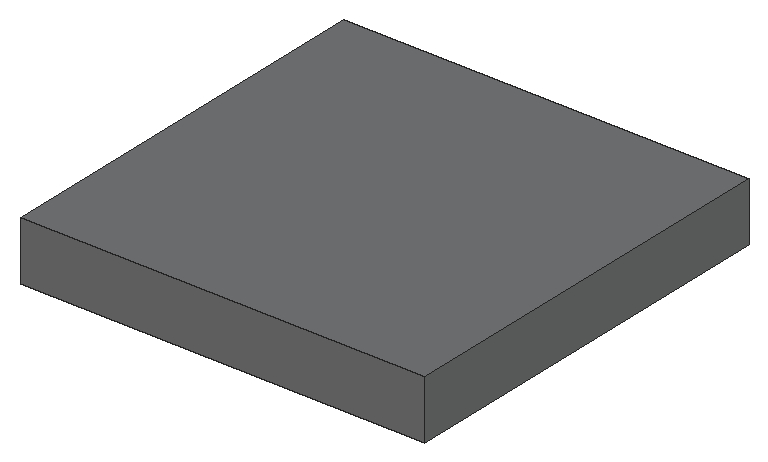
Revit family "Gira_028527", category Electrical Fixtures, host Face, Revit 2017
Family settings
  Host = Face
  Maintain Annotation Orientation = No
  Round Connector Dimension = Use Diameter
  Part Type = Normal
  Cut with Voids When Loaded = No
  Shared = No
  Room Calculation Point = No
Parameters (values of type "Wippe Symb. Licht System 55 Reinweiß m")
  Werkstoffgüte = "Thermoplast"
  Werkstoff = "Kunststoff"
  Verwendung = "Schalter/Taster"
  URL = "http://katalog.gira.de/de_DE/datenblatt.html?artikelnr=028527"
  Region = "DE"
  RAL-Nummer (ähnlich) = "9010 "
  Oberfläche = "sonstige"
  Name = "Wippe Symb. Licht System 55 Reinweiß m"
  Mit austauschbarer Linse/Symbol = "No"
  Mit Beschriftungsfeld = "No"
  Manufacturer URL = "https://www.gira.de/"
  Kontrollfenster/Lichtauslass = "No"
  Keynote = "Sys55_Abdeckung_Schalten und Tasten"
  HeinzeBIM = "https://bimportal.heinze.de/bim/wippe-symb-licht-system-55-reinweiss-m/813743f05b1ae569b0e54909fcb0600ad873e510"
  Halogenfrei = "Yes"
  HAN = "028527"
  Geeignet für Schutzart (IP) = "IP20"
  Geeignet für Bussystem-Tasterankopplung = "No"
  GTIN = "4010337285274"
  Farbe = "weiß"
  Default Elevation = 1219.2 mm
  Data sheet (1) = "https://katalog.gira.de/de_DE/download.html?artikelnr=028527"
  Category = "Abdeckung/Bedienelement für Installationsschalterprogramme"
  Befestigungsart = "Klemmbefestigung"
  Available = "Yes"
  Ausführung der Oberfläche = "matt"
  Ausführung = "einteilige Wippe"
  Aufdruck/Kennzeichnung = "Symbol \"Licht\""
  Anthrazit [instance] = Anthrazit
  Abtastbares Symbol/barrierefrei = "No"
Reference planes
  plane 1 "Center (Front/Back)": y = 0
  plane 2: z = 0
  plane 3 "Center (Left/Right)": x = 0
Forms (mm)
  Extrusion 1, solid, material "Anthrazit" <- "Anthrazit", detail levels fine
    sketch origin (0, 0, 0) x (1, 0, 0) y (0, 1, 0)
      loop
        line (-27.5, 27.5) -> (-27.5, -27.5) -> (27.5, -27.5) -> (27.5, 27.5) -> (-27.5, 27.5)
    from 0 to 8
  Extrusion 2, void
    sketch origin (0, 0, 0) x (1, 0, 0) y (0, 1, 0)
      loop
        line (26, 26) -> (-26, 26) -> (-26, -26) -> (26, -26) -> (26, 26)
    from 0 to 6
  Extrusion 3, solid, material "Anthrazit" <- "Anthrazit", detail levels medium
    sketch origin (0, 0, 0) x (1, 0, 0) y (0, 1, 0)
      loop
        line (-27.5, 27.5) -> (-27.5, -27.5) -> (27.5, -27.5) -> (27.5, 27.5) -> (-27.5, 27.5)
    from 0 to 8
  Extrusion 4, solid, material "Anthrazit" <- "Anthrazit", detail levels medium
    sketch origin (0, 0, 0) x (1, 0, 0) y (0, 1, 0)
      loop
        line (11, -17.5) -> (11, 17.5) -> (-11, 17.5) -> (-11, -17.5) -> (11, -17.5)
    from -6 to 6
  Extrusion 5, solid, material "Anthrazit" <- "Anthrazit", detail levels fine
    sketch origin (0, 0, 0) x (1, 0, 0) y (0, 1, 0)
      loop
        line (11, 17.5) -> (-11, 17.5) -> (-11, 16.5) -> (11, 16.5) -> (11, 17.5)
      loop
        line (-11, -16.5) -> (-11, -17.5) -> (11, -17.5) -> (11, -16.5) -> (-11, -16.5)
    from -4 to 6
  Extrusion 6, solid, material "Anthrazit" <- "Anthrazit", detail levels fine
    sketch origin (0, 0, 0) x (1, 0, 0) y (0, 1, 0)
      loop
        arc (5, 9.347) -> (0, 10.6) -> (-5, 9.347) r 10.6
        line (-5, 9.347) -> (-5, -9.347)
        arc (-5, -9.347) -> (0, -10.6) -> (5, -9.347) r 10.6
        line (5, -9.347) -> (5, 9.347)
    from -6 to 6
  Extrusion 7, solid, material "Anthrazit" <- "Anthrazit", detail levels coarse
    sketch origin (0, 0, 0) x (1, 0, 0) y (0, 1, 0)
      loop
        line (-27.5, 27.5) -> (-27.5, -27.5) -> (27.5, -27.5) -> (27.5, 27.5) -> (-27.5, 27.5)
    from -6 to 8
Cuts and joins
  Extrusion 2 cuts Extrusion 1
Dimensions and locks
  aligned and locked: plane 2 to host face
  aligned and locked: level to host face
